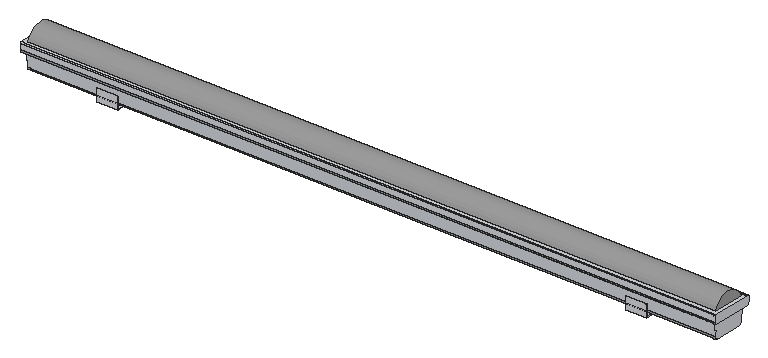
Revit family "0010268", category Lighting Fixtures, host Face, Revit 2017
Family settings
  Host = Face
  Round Connector Dimension = Use Diameter
  Part Type = Normal
  OmniClass Number = 23.80.70.00
  OmniClass Title = Lighting
  Cut with Voids When Loaded = No
  Light Source = Yes
  Shared = No
  Room Calculation Point = No
Parameters (values of type "0010268 RESISTO 1500 HE IP66 4000LM 840")
  Weight = "1.87 kg"
  Wattage Comments = ""
  Wattage = 25 W
  WarrantyStartDate [instance] = "n/a"
  WarrantyGuarantorParts = "n/a"
  WarrantyDurationUnit = "n/a"
  WarrantyDurationParts = "n/a"
  WarrantyDescription = "n/a"
  WIDTH_SYL = 44.5 mm
  built-in parameter 1150110 = 1 (stored number, unit not read)
  Voltage = 0 V
  URL = "http://www.sylvania-lighting.com"
  TypeName = "Resisto  1500 HE IP66 4000lm 840"
  Type Image = <None>
  Type Comments = "n/a"
  built-in parameter 1114217 = 1 (stored number, unit not read)
  Tilt Angle = -90.00°
  built-in parameter 1150109 = 1 (stored number, unit not read)
  built-in parameter 1150134 = 12
  TOP_WIDTH_SYL = 33.5 mm
  built-in parameter 1150113 = 1 (stored number, unit not read)
  SerialNumber [instance] = "n/a"
  Photometric Web File = "0010268.ies"
  Material_3_SYL = none
  PowerFactor = 0.95
  PowerConsumption = "25 W"
  NominalLength = 1500 mm
  NominalHeight = 80 mm
  NominalDepth = 87 mm
  Name = "Resisto  1500 HE IP66 4000lm 840"
  ModelReference = Name  # "Resisto  1500 HE IP66 4000lm 840"
  ModelNumber = "0010268"
  Model = Name  # "Resisto  1500 HE IP66 4000lm 840"
  Material = "pc polycarbonate housing, pc polycarbonate diffuser"
  ManufacturerName = "Feilo Sylvania"
  Manufacturer = "Feilo Sylvania"
  MID_WIDTH_SYL = 36 mm
  LuminousEfficacy = "160 lm/W"
  built-in parameter 1150105 = 1286.3 (stored number, unit not read)
  Lumens = 4000 lm
  LuminaireType = ""
  built-in parameter 1150115 = 1 (stored number, unit not read)
  LightOutputRatio = "n/a"
  built-in parameter 1150137 = (empty or 0)
  built-in parameter 1150139 = (empty or 0)
  LampsType = Lamp  # "LED"
  LampNominalLuminous = "4000 lm"
  LampMacAdamStep = "3"
  LampColourTemperature = "4000 K"
  LampColourRenderingIndex = "80"
  built-in parameter 1150112 = 1 (stored number, unit not read)
  built-in parameter 1150114 = 1 (stored number, unit not read)
  Lamp = "LED"
  LENGHT_SYL = if(L1500_SYL, 742 mm, if(L1200_SYL, 592 mm, 317 mm))  # 742 mm
  LENGHT_CHAMFER_SYL = if(L1500_SYL, 750 mm, if(L1200_SYL, 600 mm, 325 mm))  # 750 mm
  LENGHT_650_SYL = 325 mm
  LENGHT-_SYL = if(L1500_SYL, -742 mm, if(L1200_SYL, -592 mm, -317 mm))  # -742 mm
  LENGHT-_CHAMFER_SYL = if(L1500_SYL, -750 mm, if(L1200_SYL, -600 mm, -325 mm))  # -750 mm
  LEGHT_650-_SYL = -325 mm
  LEGHT_1500_SYL = 750 mm
  LEGHT_1500-_SYL = -750 mm
  LEGHT_1200_SYL = 600 mm
  LEGHT_1200-_SYL = -600 mm
  L0650_SYL = no
  L1500_SYL = yes
  L1200_SYL = no
  Keynote = "16500"
  InstallationDate [instance] = "n/a"
  InputVoltage = "n/a"
  InputNominalFrequency = "n/a"
  built-in parameter 1150132 = (empty or 0)
  built-in parameter 1150102 = (empty or 0)
  built-in parameter 1150107 = 4000 (stored number, unit not read)
  built-in parameter 1150138 = (empty or 0)
  IngressProtection = "IP66"
  ImpactProtectionIndex = "IK08"
  built-in parameter 1150106 = 12.863 (stored number, unit not read)
  IfcExportType = "IfcLightFixtureType"
  IfcExportAs = "IfcLightFixtureType"
  Emit from Circle Diameter = 609.6 mm
  Emit Shape Visible in Rendering = no
  ElectricShockClassification = "Class I"
  built-in parameter 1150104 = 14.864 (stored number, unit not read)
  DocumentationLiterature = "http://www.sylvania-lighting.com/product/en-int/products/0010268"
  DimmingControlOptions = "n/a"
  Material_2_SYL = none
  Dimming Lamp Color Temperature Shift = <None>
  Description = "Resisto, integrated LED weatherproof luminaire, with UV stabilized flat diffuser designed to achieve uniform lit appearance, optimise light output and to reduce glare. 301 stainless steel diffuser clips and fixing brackets for surface mounting. Polycarbonate housing and diffuser - no yellow discolouration over time. 4000lm; 25W; 160lm/W; 4000K; SDCM<3; non dimmable; CRI80; IP66; IK08; Class I; 69,000hrs (L80B20) lifespan; 1500mm x 89mm x 88mm; D-mark."
  Default Elevation = 1219.2 mm
  DIF_WIDHT_SYL = 35 mm
  DIF_HEIGHT_SYL = 24 mm
  CreatedOn = "3/10/2021"
  CreatedBy = "@sylvania-lighting.com"
  Cost = 0
  Color Filter = 16777215
  built-in parameter 1114216 [instance] = (empty or 0)
  ClassificationValue = "EF_70_80"
  ClassificationName = "Uniclass2015"
  Material_1_SYL = Default
  CHAMFER_SYL = 19 mm
  BarCode [instance] = "n/a"
  built-in parameter 1114218 = 1 (stored number, unit not read)
  BRACKET_WIDTH_SYL = BRACKET_DIST_SYL - 44 mm  # 550 mm
  BRACKET_HEIGHT_SYL = 9 mm
  BRACKET_DIST_SYL = LENGHT_CHAMFER_SYL - 156 mm  # 594 mm
  BODY_SYL = 36 mm
  built-in parameter 1150133 = 10 (stored number, unit not read)
  AssetType = "Fixed"
  AssetIdentifier [instance] = "n/a"
  Assembly Code = "D5020200"
  Apparent Load = 25 VA
  Material_4_SYL = none
Reference planes
  plane 1 "Center (Front/Back)": y = 0
  plane 2: z = 0
  plane 3 "Center (Left/Right)": x = 0
  plane 4: z = 9
  plane 5: z = 45
  plane 6: z = 64
  plane 7: z = 88
  plane 8: y = -44.5
  plane 9: y = 44.5
  plane 10: y = -35
  plane 11: y = 35
  plane 12: y = 33.5
  plane 13: y = -33.5
  plane 14: y = -36
  plane 15: y = 36
  plane 16: z = 1
Forms (mm)
  Extrusion 1, solid
    sketch origin (319, 1524, 1219.2) x (0, 1, 0) y (0, 0, 1)
      loop
        line (-1552.835, -1210.2) -> (-1495.165, -1210.2)
        arc (-1495.165, -1210.2) -> (-1491.754, -1208.856) -> (-1490.177, -1205.546) r 5
        line (-1490.177, -1205.546) -> (-1488.323, -1178.854) -> (-1488, -1174.2) -> (-1560, -1174.2) -> (-1559.677, -1178.854) -> (-1557.823, -1205.546)
        arc (-1557.823, -1205.546) -> (-1556.246, -1208.856) -> (-1552.835, -1210.2) r 5
    from -742 <- "LENGHT-_SYL" to 742 <- "LENGHT_SYL"
  Extrusion 2, solid, material "Default" <- "Material_1_SYL"
    sketch origin (319, 1524, 1219.2) x (0, 1, 0) y (0, 0, 1)
      loop
        arc (-1490.5, -1155.2) -> (-1524, -1131.2) -> (-1557.5, -1155.2) r 35.38
        line (-1557.5, -1155.2) -> (-1490.5, -1155.2)
    from -742 <- "LENGHT-_SYL" to 742 <- "LENGHT_SYL"
  Extrusion 3, solid
    sketch origin (319, 1524, 1219.2) x (0, 1, 0) y (0, 0, 1)
      loop
        line (-1481.5, -1155.2) -> (-1566.5, -1155.2)
        arc (-1566.5, -1155.2) -> (-1567.914, -1155.786) -> (-1568.5, -1157.2) r 2
        line (-1568.5, -1157.2) -> (-1568.5, -1169.2)
        arc (-1568.5, -1169.2) -> (-1567.036, -1172.736) -> (-1563.5, -1174.2) r 5
        line (-1563.5, -1174.2) -> (-1484.5, -1174.2)
        arc (-1484.5, -1174.2) -> (-1480.964, -1172.736) -> (-1479.5, -1169.2) r 5
        line (-1479.5, -1169.2) -> (-1479.5, -1157.2)
        arc (-1479.5, -1157.2) -> (-1480.086, -1155.786) -> (-1481.5, -1155.2) r 2
    from -750 <- "LENGHT-_CHAMFER_SYL" to 750 <- "LENGHT_CHAMFER_SYL"
  Extrusion 4, solid
    sketch origin (319, 1524, 1219.2) x (0, 1, 0) y (0, 0, 1)
      loop
        line (-1489, -1219.2) -> (-1489, -1192.216) -> (-1490.5, -1192.216) -> (-1490.5, -1218.2) -> (-1557.5, -1218.2) -> (-1557.5, -1192.172) -> (-1559, -1192.172) -> (-1559, -1219.2) -> (-1489, -1219.2)
    from 550 <- "BRACKET_WIDTH_SYL" to 594 <- "BRACKET_DIST_SYL"
  Extrusion 5, solid
    sketch origin (321, 1524, 1219.2) x (0, 1, 0) y (0, 0, -1)
      loop
        line (-1489, 1219.2) -> (-1559, 1219.2) -> (-1559, 1192.172) -> (-1557.5, 1192.172) -> (-1557.5, 1218.2) -> (-1490.5, 1218.2) -> (-1490.5, 1192.216) -> (-1489, 1192.216) -> (-1489, 1219.2)
    from 550 <- "BRACKET_WIDTH_SYL" to 594 <- "BRACKET_DIST_SYL"
Dimensions and locks
  "BRACKET_HEIGHT_SYL": plane 4 to host face
  "BODY_SYL": plane 4 to plane 5
  "CHAMFER_SYL": plane 5 to plane 6
  "DIF_HEIGHT_SYL": plane 6 to plane 7
  "WIDTH_SYL": plane 9 to plane 1 "Center (Front/Back)" to plane 8
  "DIF_WIDHT_SYL": plane 11 to plane 1 "Center (Front/Back)" to plane 10
  "TOP_WIDTH_SYL": plane 12 to plane 1 "Center (Front/Back)" to plane 13
  "MID_WIDTH_SYL": plane 15 to plane 1 "Center (Front/Back)" to plane 14
  aligned and locked: plane 2 to host face
  aligned and locked: level to host face
  aligned and locked: Extrusion 3 sketch curve to plane 6
  aligned and locked: Extrusion 3 sketch curve to plane 9
  aligned and locked: plane 5 to Extrusion 3 sketch curve
  aligned and locked: plane 8 to Extrusion 3 sketch curve
Automatic sketch dimensions
  host sketch curve to host sketch curve = 2438.4 mm  (x2)
  plane 5 to Extrusion 1 sketch curve = 0 mm
  Extrusion 1 sketch curve to plane 14 = 0 mm
  plane 4 to Extrusion 1 sketch curve = 0 mm
  Extrusion 1 sketch curve to plane 15 = 0 mm
  Extrusion 1 sketch curve to plane 14 = 0.323 mm
  plane 13 to Extrusion 1 sketch curve = 0.323 mm
  Extrusion 1 sketch curve to plane 13 = 4.665 mm
  plane 12 to Extrusion 1 sketch curve = 4.665 mm
  Extrusion 1 sketch curve to plane 12 = 0.323 mm
  plane 15 to Extrusion 1 sketch curve = 0.323 mm
  Extrusion 1 sketch curve to plane 4 = 4.654 mm  (x2)
  plane 5 to Extrusion 1 sketch curve = 4.654 mm  (x2)
  plane 6 to Extrusion 2 sketch curve = 0 mm
  Extrusion 2 sketch curve to plane 13 = 0 mm
  Extrusion 2 sketch curve to plane 1 "Center (Front/Back)" = 0 mm
  Extrusion 2 sketch curve to plane 5 = 7.62 mm
  Extrusion 3 sketch curve to plane 8 = 2 mm
  plane 14 to Extrusion 3 sketch curve = 3.5 mm
  Extrusion 3 sketch curve to plane 15 = 3.5 mm
  plane 6 to Extrusion 3 sketch curve = 2 mm
  Extrusion 4 sketch curve to level = 0 mm
  Extrusion 4 sketch curve to plane 10 = 0 mm
  Extrusion 4 sketch curve to plane 13 = 0 mm
  Extrusion 4 sketch curve to plane 12 = 0 mm
  Extrusion 4 sketch curve to plane 11 = 0 mm
  plane 16 to Extrusion 4 sketch curve = 0 mm
  Extrusion 4 sketch curve to plane 4 = 17.984 mm
  plane 5 to Extrusion 4 sketch curve = 17.972 mm
  Extrusion 5 sketch curve to level = 0 mm
  Extrusion 5 sketch curve to plane 10 = 0 mm
  Extrusion 5 sketch curve to plane 13 = 0 mm
  Extrusion 5 sketch curve to plane 12 = 0 mm
  Extrusion 5 sketch curve to plane 11 = 0 mm
  plane 16 to Extrusion 5 sketch curve = 0 mm
  Extrusion 5 sketch curve to plane 4 = 17.984 mm
  plane 5 to Extrusion 5 sketch curve = 17.972 mm
Connectors
  electrical at (-423, 0, 27)
    settings: on Extrusion 1, index 1, voltage 0 V, apparent load 0 VA, apparent load phase1 0 VA, apparent load phase2 0 VA, apparent load phase3 0 VA, power factor 1, load classification "Other", number of poles 1, system type 31, power factor state 1, is connector primary yes, connector utility no, sub classification motor no, connector description ""
Types (60, lengths in mm): name | Weight | Wattage | TypeName | built-in parameter 1150134 | Photometric Web File | PowerFactor | PowerConsumption | NominalLength | Name | ModelReference | ModelNumber | Model | LuminousEfficacy | built-in parameter 1150105 | Lumens | LampNominalLuminous | LampMacAdamStep | LampColourTemperature | LENGHT_SYL | LENGHT_CHAMFER_SYL | LENGHT-_SYL | LENGHT-_CHAMFER_SYL | L0650_SYL | L1500_SYL | L1200_SYL | built-in parameter 1150107 | built-in parameter 1150106 | built-in parameter 1150104 | DocumentationLiterature | Description | BRACKET_WIDTH_SYL | BRACKET_DIST_SYL | Apparent Load
  0010278 RESISTO 1500 HE IP66 8300LM 840 | "1.95 kg" | 54 W | "Resisto 1500 HE IP66 8300lm 840" | 12 | "0010278.ies" | 0.95 | "54 W" | 1500 | "Resisto 1500 HE IP66 8300lm 840" | "Resisto 1500 HE IP66 8300lm 840" | "0010278" | "Resisto 1500 HE IP66 8300lm 840" | "154 lm/W" | 2674.3 (stored number, unit not read) | 8316 lm | "8300 lm" | "3" | "4000 K" | 742 | 750 | -742 | -750 | no | yes | no | 4000 (stored number, unit not read) | 26.743 (stored number, unit not read) | 14.307 (stored number, unit not read) | "http://www.sylvania-lighting.com/product/en-int/products/0010278" | "Resisto, integrated LED weatherproof luminaire, with UV stabilized flat diffuser designed to achieve uniform lit appearance, optimise light output and to reduce glare. 301 stainless steel diffuser clips and fixing brackets for surface mounting. Polycarbonate housing and diffuser - no yellow discolouration over time. 8300lm; 54W; 154lm/W; 4000K; SDCM<3; non dimmable; CRI80; IP66; IK08; Class I; 69,000hrs (L80B20) lifespan; 1500mm x 89mm x 88mm; D-mark." | 550 | 594 | 54 VA
  0010274 RESISTO 1500 HE IP66 DALI 7100LM 840 | "2.01 kg" | 46 W | "Resisto 1500 HE IP66 DALI 7100lm 840" | 12 | "0010274.ies" | 0.98 | "46 W" | 1500 | "Resisto 1500 HE IP66 DALI 7100lm 840" | "Resisto 1500 HE IP66 DALI 7100lm 840" | "0010274" | "Resisto 1500 HE IP66 DALI 7100lm 840" | "154 lm/W" | 2362.2 (stored number, unit not read) | 7084 lm | "7100 lm" | "3" | "4000 K" | 742 | 750 | -742 | -750 | no | yes | no | 4000 (stored number, unit not read) | 23.622 (stored number, unit not read) | 14.307 (stored number, unit not read) | "http://www.sylvania-lighting.com/product/en-int/products/0010274" | "Resisto, integrated LED weatherproof luminaire, with UV stabilized flat diffuser designed to achieve uniform lit appearance, optimise light output and to reduce glare. 301 stainless steel diffuser clips and fixing brackets for surface mounting. Polycarbonate housing and diffuser - no yellow discolouration over time. 7100lm; 46W; 154lm/W; 4000K; SDCM<3; DALI dimmable; CRI80; IP66; IK08; Class I; 69,000hrs (L80B20) lifespan; 1500mm x 89mm x 88mm; D-mark." | 550 | 594 | 46 VA
  0010273 RESISTO 1500 HE IP66 DALI 4000LM 840 | "1.95 kg" | 25 W | "Resisto 1500 HE IP66 DALI 4000lm 840" | 12 | "0010273.ies" | 0.98 | "25 W" | 1500 | "Resisto 1500 HE IP66 DALI 4000lm 840" | "Resisto 1500 HE IP66 DALI 4000lm 840" | "0010273" | "Resisto 1500 HE IP66 DALI 4000lm 840" | "160 lm/W" | 1286.3 (stored number, unit not read) | 4000 lm | "4000 lm" | "3" | "4000 K" | 742 | 750 | -742 | -750 | no | yes | no | 4000 (stored number, unit not read) | 12.863 (stored number, unit not read) | 14.864 (stored number, unit not read) | "http://www.sylvania-lighting.com/product/en-int/products/0010273" | "Resisto, integrated LED weatherproof luminaire, with UV stabilized flat diffuser designed to achieve uniform lit appearance, optimise light output and to reduce glare. 301 stainless steel diffuser clips and fixing brackets for surface mounting. Polycarbonate housing and diffuser - no yellow discolouration over time. 4000lm; 25W; 160lm/W; 4000K; SDCM<3; DALI dimmable; CRI80; IP66; IK08; Class I; 69,000hrs (L80B20) lifespan; 1500mm x 89mm x 88mm; D-mark." | 550 | 594 | 25 VA
  0010272 RESISTO 1500 HE IP66 7100LM 840 EM | "2.58 kg" | 50 W | "Resisto 1500 HE IP66 7100lm 840 EM" | 12 | "0010272.ies" | 0.95 | "50 W" | 1500 | "Resisto 1500 HE IP66 7100lm 840 EM" | "Resisto 1500 HE IP66 7100lm 840 EM" | "0010272" | "Resisto 1500 HE IP66 7100lm 840 EM" | "142 lm/W" | 2367.5 (stored number, unit not read) | 7100 lm | "7100 lm" | "3" | "4000 K" | 742 | 750 | -742 | -750 | no | yes | no | 4000 (stored number, unit not read) | 23.675 (stored number, unit not read) | 13.192 (stored number, unit not read) | "http://www.sylvania-lighting.com/product/en-int/products/0010272" | "Resisto, integrated LED weatherproof luminaire, with UV stabilized flat diffuser designed to achieve uniform lit appearance, optimise light output and to reduce glare. 301 stainless steel diffuser clips and fixing brackets for surface mounting. Polycarbonate housing and diffuser - no yellow discolouration over time. 7100lm; 50W; 142lm/W; 4000K; SDCM<3; non dimmable; CRI80; IP66; IK08; Class I; 69,000hrs (L80B20) lifespan; 1500mm x 89mm x 88mm; D-mark; 3-hour maintained emergency batteries." | 550 | 594 | 50 VA
  0010271 RESISTO 1500 HE IP66 4000LM 840 EM | "2.51 kg" | 29 W | "Resisto 1500 HE IP66 4000lm 840 EM" | 12 | "0010271.ies" | 0.95 | "29 W" | 1500 | "Resisto 1500 HE IP66 4000lm 840 EM" | "Resisto 1500 HE IP66 4000lm 840 EM" | "0010271" | "Resisto 1500 HE IP66 4000lm 840 EM" | "138 lm/W" | 1287 (stored number, unit not read) | 4002 lm | "4000 lm" | "3" | "4000 K" | 742 | 750 | -742 | -750 | no | yes | no | 4000 (stored number, unit not read) | 12.87 (stored number, unit not read) | 12.821 (stored number, unit not read) | "http://www.sylvania-lighting.com/product/en-int/products/0010271" | "Resisto, integrated LED weatherproof luminaire, with UV stabilized flat diffuser designed to achieve uniform lit appearance, optimise light output and to reduce glare. 301 stainless steel diffuser clips and fixing brackets for surface mounting. Polycarbonate housing and diffuser - no yellow discolouration over time. 4000lm; 29W; 138lm/W; 4000K; SDCM<3; non dimmable; CRI80; IP66; IK08; Class I; 69,000hrs (L80B20) lifespan; 1500mm x 89mm x 88mm; D-mark; 3-hour maintained emergency batteries." | 550 | 594 | 29 VA
  0010269 RESISTO 1500 HE IP66 7100LM 840 | "1.95 kg" | 46 W | "Resisto  1500 HE IP66 7100lm 840" | 12 | "0010269.ies" | 0.95 | "46 W" | 1500 | "Resisto  1500 HE IP66 7100lm 840" | "Resisto  1500 HE IP66 7100lm 840" | "0010269" | "Resisto  1500 HE IP66 7100lm 840" | "154 lm/W" | 2362.2 (stored number, unit not read) | 7084 lm | "7100 lm" | "3" | "4000 K" | 742 | 750 | -742 | -750 | no | yes | no | 4000 (stored number, unit not read) | 23.622 (stored number, unit not read) | 14.307 (stored number, unit not read) | "http://www.sylvania-lighting.com/product/en-int/products/0010269" | "Resisto, integrated LED weatherproof luminaire, with UV stabilized flat diffuser designed to achieve uniform lit appearance, optimise light output and to reduce glare. 301 stainless steel diffuser clips and fixing brackets for surface mounting. Polycarbonate housing and diffuser - no yellow discolouration over time. 7100lm; 46W; 154lm/W; 4000K; SDCM<3; non dimmable; CRI80; IP66; IK08; Class I; 69,000hrs (L80B20) lifespan; 1500mm x 89mm x 88mm; D-mark." | 550 | 594 | 46 VA
  0010268 RESISTO 1500 HE IP66 4000LM 840 | "1.87 kg" | 25 W | "Resisto  1500 HE IP66 4000lm 840" | 12 | "0010268.ies" | 0.95 | "25 W" | 1500 | "Resisto  1500 HE IP66 4000lm 840" | "Resisto  1500 HE IP66 4000lm 840" | "0010268" | "Resisto  1500 HE IP66 4000lm 840" | "160 lm/W" | 1286.3 (stored number, unit not read) | 4000 lm | "4000 lm" | "3" | "4000 K" | 742 | 750 | -742 | -750 | no | yes | no | 4000 (stored number, unit not read) | 12.863 (stored number, unit not read) | 14.864 (stored number, unit not read) | "http://www.sylvania-lighting.com/product/en-int/products/0010268" | "Resisto, integrated LED weatherproof luminaire, with UV stabilized flat diffuser designed to achieve uniform lit appearance, optimise light output and to reduce glare. 301 stainless steel diffuser clips and fixing brackets for surface mounting. Polycarbonate housing and diffuser - no yellow discolouration over time. 4000lm; 25W; 160lm/W; 4000K; SDCM<3; non dimmable; CRI80; IP66; IK08; Class I; 69,000hrs (L80B20) lifespan; 1500mm x 89mm x 88mm; D-mark." | 550 | 594 | 25 VA
  0010261 RESISTO 1500 IP66 DALI 8300LM 840 | "2.01 kg" | 61 W | "Resisto  1500 IP66 DALI 8300lm 840" | 12 | "0010261.ies" | 0.99 | "61 W" | 1500 | "Resisto  1500 IP66 DALI 8300lm 840" | "Resisto  1500 IP66 DALI 8300lm 840" | "0010261" | "Resisto  1500 IP66 DALI 8300lm 840" | "136 lm/W" | 2792.8 (stored number, unit not read) | 8296 lm | "8300 lm" | "5" | "4000 K" | 742 | 750 | -742 | -750 | no | yes | no | 4000 (stored number, unit not read) | 27.928 (stored number, unit not read) | 12.635 (stored number, unit not read) | "http://www.sylvania-lighting.com/product/en-int/products/0010261" | "Resisto, integrated LED weatherproof luminaire, with UV stabilized flat diffuser designed to achieve uniform lit appearance, optimise light output and to reduce glare. 301 stainless steel diffuser clips and fixing brackets for surface mounting. Polycarbonate housing and diffuser - no yellow discolouration over time. 8300lm; 61W; 136lm/W; 4000K; SDCM<5; DALI dimmable; CRI80; IP66; IK08; Class I; 69,000hrs (L80B20) lifespan; 1500mm x 89mm x 88mm; D-mark." | 550 | 594 | 61 VA
  0010260 RESISTO 1500 IP66 DALI 7100LM 840 | "2.01 kg" | 52 W | "Resisto  1500 IP66 DALI 7100lm 840" | 12 | "0010260.ies" | 0.99 | "52 W" | 1500 | "Resisto  1500 IP66 DALI 7100lm 840" | "Resisto  1500 IP66 DALI 7100lm 840" | "0010260" | "Resisto  1500 IP66 DALI 7100lm 840" | "137 lm/W" | 2375.5 (stored number, unit not read) | 7124 lm | "7100 lm" | "5" | "4000 K" | 742 | 750 | -742 | -750 | no | yes | no | 4000 (stored number, unit not read) | 23.755 (stored number, unit not read) | 12.728 (stored number, unit not read) | "http://www.sylvania-lighting.com/product/en-int/products/0010260" | "Resisto, integrated LED weatherproof luminaire, with UV stabilized flat diffuser designed to achieve uniform lit appearance, optimise light output and to reduce glare. 301 stainless steel diffuser clips and fixing brackets for surface mounting. Polycarbonate housing and diffuser - no yellow discolouration over time. 7100lm; 52W; 137lm/W; 4000K; SDCM<5; DALI dimmable; CRI80; IP66; IK08; Class I; 69,000hrs (L80B20) lifespan; 1500mm x 89mm x 88mm; D-mark." | 550 | 594 | 52 VA
  0010259 RESISTO 1500 IP66 DALI 4000LM 840 | "1.95 kg" | 30 W | "Resisto  1500 IP66 DALI 4000lm 840" | 12 | "0010259.ies" | 0.98 | "30 W" | 1500 | "Resisto  1500 IP66 DALI 4000lm 840" | "Resisto  1500 IP66 DALI 4000lm 840" | "0010259" | "Resisto  1500 IP66 DALI 4000lm 840" | "133 lm/W" | 1283.1 (stored number, unit not read) | 3990 lm | "4000 lm" | "5" | "4000 K" | 742 | 750 | -742 | -750 | no | yes | no | 4000 (stored number, unit not read) | 12.831 (stored number, unit not read) | 12.356 (stored number, unit not read) | "http://www.sylvania-lighting.com/product/en-int/products/0010259" | "Resisto, integrated LED weatherproof luminaire, with UV stabilized flat diffuser designed to achieve uniform lit appearance, optimise light output and to reduce glare. 301 stainless steel diffuser clips and fixing brackets for surface mounting. Polycarbonate housing and diffuser - no yellow discolouration over time. 4000lm; 30W; 133lm/W; 4000K; SDCM<5; DALI dimmable; CRI80; IP66; IK08; Class I; 69,000hrs (L80B20) lifespan; 1500mm x 89mm x 88mm; D-mark." | 550 | 594 | 30 VA
  0010258 RESISTO 1500 IP66 MWCOR 7100LM 840 | "2.06 kg" | 52 W | "Resisto  1500 IP66 MWcor 7100lm 840" | 12 | "0010258.ies" | 0.99 | "52 W" | 1500 | "Resisto  1500 IP66 MWcor 7100lm 840" | "Resisto  1500 IP66 MWcor 7100lm 840" | "0010258" | "Resisto  1500 IP66 MWcor 7100lm 840" | "137 lm/W" | 2375.5 (stored number, unit not read) | 7124 lm | "7100 lm" | "5" | "4000 K" | 742 | 750 | -742 | -750 | no | yes | no | 4000 (stored number, unit not read) | 23.755 (stored number, unit not read) | 12.728 (stored number, unit not read) | "http://www.sylvania-lighting.com/product/en-int/products/0010258" | "Resisto, integrated LED weatherproof luminaire, with UV stabilized flat diffuser designed to achieve uniform lit appearance, optimise light output and to reduce glare. 301 stainless steel diffuser clips and fixing brackets for surface mounting. Polycarbonate housing and diffuser - no yellow discolouration over time. 7100lm; 52W; 137lm/W; 4000K; SDCM<5; non dimmable; CRI80; IP66; IK08; Class I; 69,000hrs (L80B20) lifespan; 1500mm x 89mm x 88mm; D-mark; corridor function with microwave presence sensor." | 550 | 594 | 52 VA
  0010257 RESISTO 1500 IP66 MWCOR 4000LM 840 | "2.0 kg" | 30 W | "Resisto  1500 IP66 MWcor 4000lm 840" | 12 | "0010257.ies" | 0.98 | "30 W" | 1500 | "Resisto  1500 IP66 MWcor 4000lm 840" | "Resisto  1500 IP66 MWcor 4000lm 840" | "0010257" | "Resisto  1500 IP66 MWcor 4000lm 840" | "133 lm/W" | 1283.1 (stored number, unit not read) | 3990 lm | "4000 lm" | "5" | "4000 K" | 742 | 750 | -742 | -750 | no | yes | no | 4000 (stored number, unit not read) | 12.831 (stored number, unit not read) | 12.356 (stored number, unit not read) | "http://www.sylvania-lighting.com/product/en-int/products/0010257" | "Resisto, integrated LED weatherproof luminaire, with UV stabilized flat diffuser designed to achieve uniform lit appearance, optimise light output and to reduce glare. 301 stainless steel diffuser clips and fixing brackets for surface mounting. Polycarbonate housing and diffuser - no yellow discolouration over time. 4000lm; 30W; 133lm/W; 4000K; SDCM<5; non dimmable; CRI80; IP66; IK08; Class I; 69,000hrs (L80B20) lifespan; 1500mm x 89mm x 88mm; D-mark; corridor function with microwave presence sensor." | 550 | 594 | 30 VA
  0010256 RESISTO 1500 IP66 MW 7100LM 840 | "2.0 kg" | 52 W | "Resisto  1500 IP66 MW 7100lm 840" | 12 | "0010256.ies" | 0.95 | "52 W" | 1500 | "Resisto  1500 IP66 MW 7100lm 840" | "Resisto  1500 IP66 MW 7100lm 840" | "0010256" | "Resisto  1500 IP66 MW 7100lm 840" | "137 lm/W" | 2375.5 (stored number, unit not read) | 7124 lm | "7100 lm" | "5" | "4000 K" | 742 | 750 | -742 | -750 | no | yes | no | 4000 (stored number, unit not read) | 23.755 (stored number, unit not read) | 12.728 (stored number, unit not read) | "http://www.sylvania-lighting.com/product/en-int/products/0010256" | "Resisto, integrated LED weatherproof luminaire, with UV stabilized flat diffuser designed to achieve uniform lit appearance, optimise light output and to reduce glare. 301 stainless steel diffuser clips and fixing brackets for surface mounting. Polycarbonate housing and diffuser - no yellow discolouration over time. 7100lm; 52W; 137lm/W; 4000K; SDCM<5; non dimmable; CRI80; IP66; IK08; Class I; 69,000hrs (L80B20) lifespan; 1500mm x 89mm x 88mm; D-mark; MW On/Off." | 550 | 594 | 52 VA
  0010255 RESISTO 1500 IP66 MW 4000LM 840 | "1.92 kg" | 30 W | "Resisto  1500 IP66 MW 4000lm 840" | 12 | "0010255.ies" | 0.95 | "30 W" | 1500 | "Resisto  1500 IP66 MW 4000lm 840" | "Resisto  1500 IP66 MW 4000lm 840" | "0010255" | "Resisto  1500 IP66 MW 4000lm 840" | "133 lm/W" | 1283.1 (stored number, unit not read) | 3990 lm | "4000 lm" | "5" | "4000 K" | 742 | 750 | -742 | -750 | no | yes | no | 4000 (stored number, unit not read) | 12.831 (stored number, unit not read) | 12.356 (stored number, unit not read) | "http://www.sylvania-lighting.com/product/en-int/products/0010255" | "Resisto, integrated LED weatherproof luminaire, with UV stabilized flat diffuser designed to achieve uniform lit appearance, optimise light output and to reduce glare. 301 stainless steel diffuser clips and fixing brackets for surface mounting. Polycarbonate housing and diffuser - no yellow discolouration over time. 4000lm; 30W; 133lm/W; 4000K; SDCM<5; non dimmable; CRI80; IP66; IK08; Class I; 69,000hrs (L80B20) lifespan; 1500mm x 89mm x 88mm; D-mark; MW On/Off." | 550 | 594 | 30 VA
  0010254 RESISTO 1500 IP66 7100LM 840 EM | "2.59 kg" | 56 W | "Resisto  1500 IP66 7100lm 840 EM" | 12 | "0010254.ies" | 0.95 | "56 W" | 1500 | "Resisto  1500 IP66 7100lm 840 EM" | "Resisto  1500 IP66 7100lm 840 EM" | "0010254" | "Resisto  1500 IP66 7100lm 840 EM" | "127 lm/W" | 2371.5 (stored number, unit not read) | 7112 lm | "7100 lm" | "5" | "4000 K" | 742 | 750 | -742 | -750 | no | yes | no | 4000 (stored number, unit not read) | 23.715 (stored number, unit not read) | 11.799 (stored number, unit not read) | "http://www.sylvania-lighting.com/product/en-int/products/0010254" | "Resisto, integrated LED weatherproof luminaire, with UV stabilized flat diffuser designed to achieve uniform lit appearance, optimise light output and to reduce glare. 301 stainless steel diffuser clips and fixing brackets for surface mounting. Polycarbonate housing and diffuser - no yellow discolouration over time. 7100lm; 56W; 127lm/W; 4000K; SDCM<5; non dimmable; CRI80; IP66; IK08; Class I; 69,000hrs (L80B20) lifespan; 1500mm x 89mm x 88mm; D-mark; 3-hour maintained emergency batteries." | 550 | 594 | 56 VA
  0010253 RESISTO 1500 IP66 4000LM 840 EM | "2.5 kg" | 34 W | "Resisto  1500 IP66 4000lm 840 EM" | 12 | "0010253.ies" | 0.95 | "34 W" | 1500 | "Resisto  1500 IP66 4000lm 840 EM" | "Resisto  1500 IP66 4000lm 840 EM" | "0010253" | "Resisto  1500 IP66 4000lm 840 EM" | "118 lm/W" | 1290.2 (stored number, unit not read) | 4012 lm | "4000 lm" | "5" | "4000 K" | 742 | 750 | -742 | -750 | no | yes | no | 4000 (stored number, unit not read) | 12.902 (stored number, unit not read) | 10.963 (stored number, unit not read) | "http://www.sylvania-lighting.com/product/en-int/products/0010253" | "Resisto, integrated LED weatherproof luminaire, with UV stabilized flat diffuser designed to achieve uniform lit appearance, optimise light output and to reduce glare. 301 stainless steel diffuser clips and fixing brackets for surface mounting. Polycarbonate housing and diffuser - no yellow discolouration over time. 4000lm; 34W; 118lm/W; 4000K; SDCM<5; non dimmable; CRI80; IP66; IK08; Class I; 69,000hrs (L80B20) lifespan; 1500mm x 89mm x 88mm; D-mark; 3-hour maintained emergency batteries." | 550 | 594 | 34 VA
  0010252 RESISTO 1500 IP66 7100LM 840 5XTH | "2.18 kg" | 52 W | "Resisto 1500 IP66 7100lm 840 5xTH" | 12 | "0010252.ies" | 0.95 | "52 W" | 1500 | "Resisto 1500 IP66 7100lm 840 5xTH" | "Resisto 1500 IP66 7100lm 840 5xTH" | "0010252" | "Resisto 1500 IP66 7100lm 840 5xTH" | "137 lm/W" | 2375.5 (stored number, unit not read) | 7124 lm | "7100 lm" | "5" | "4000 K" | 742 | 750 | -742 | -750 | no | yes | no | 4000 (stored number, unit not read) | 23.755 (stored number, unit not read) | 12.728 (stored number, unit not read) | "http://www.sylvania-lighting.com/product/en-int/products/0010252" | "Resisto, integrated LED weatherproof luminaire, with UV stabilized flat diffuser designed to achieve uniform lit appearance, optimise light output and to reduce glare. 301 stainless steel diffuser clips and fixing brackets for surface mounting. Polycarbonate housing and diffuser - no yellow discolouration over time. 7100lm; 52W; 137lm/W; 4000K; SDCM<5; non dimmable; CRI80; IP66; IK08; Class I; 69,000hrs (L80B20) lifespan; 1500mm x 89mm x 88mm; D-mark; through wiring." | 550 | 594 | 52 VA
  0010251 RESISTO 1500 IP66 4000LM 840 5XTH | "2.1 kg" | 30 W | "Resisto 1500 IP66 4000lm 840 5xTH" | 12 | "0010251.ies" | 0.95 | "30 W" | 1500 | "Resisto 1500 IP66 4000lm 840 5xTH" | "Resisto 1500 IP66 4000lm 840 5xTH" | "0010251" | "Resisto 1500 IP66 4000lm 840 5xTH" | "133 lm/W" | 1283.1 (stored number, unit not read) | 3990 lm | "4000 lm" | "5" | "4000 K" | 742 | 750 | -742 | -750 | no | yes | no | 4000 (stored number, unit not read) | 12.831 (stored number, unit not read) | 12.356 (stored number, unit not read) | "http://www.sylvania-lighting.com/product/en-int/products/0010251" | "Resisto, integrated LED weatherproof luminaire, with UV stabilized flat diffuser designed to achieve uniform lit appearance, optimise light output and to reduce glare. 301 stainless steel diffuser clips and fixing brackets for surface mounting. Polycarbonate housing and diffuser - no yellow discolouration over time. 4000lm; 30W; 133lm/W; 4000K; SDCM<5; non dimmable; CRI80; IP66; IK08; Class I; 69,000hrs (L80B20) lifespan; 1500mm x 89mm x 88mm; D-mark; through wiring." | 550 | 594 | 30 VA
  0010250 RESISTO 1500 IP66 7100LM 840 QC | "2.02 kg" | 52 W | "Resisto  1500 IP66 7100lm 840 QC" | 12 | "0010250.ies" | 0.95 | "52 W" | 1512 | "Resisto  1500 IP66 7100lm 840 QC" | "Resisto  1500 IP66 7100lm 840 QC" | "0010250" | "Resisto  1500 IP66 7100lm 840 QC" | "137 lm/W" | 2375.5 (stored number, unit not read) | 7124 lm | "7100 lm" | "5" | "4000 K" | 742 | 750 | -742 | -750 | no | yes | no | 4000 (stored number, unit not read) | 23.755 (stored number, unit not read) | 12.728 (stored number, unit not read) | "http://www.sylvania-lighting.com/product/en-int/products/0010250" | "Resisto, integrated LED weatherproof luminaire, with UV stabilized flat diffuser designed to achieve uniform lit appearance, optimise light output and to reduce glare. 301 stainless steel diffuser clips and fixing brackets for surface mounting. Polycarbonate housing and diffuser - no yellow discolouration over time. 7100lm; 52W; 137lm/W; 4000K; SDCM<5; non dimmable; CRI80; IP66; IK08; Class I; 69,000hrs (L80B20) lifespan; 1500mm x 89mm x 88mm; D-mark; assembled with quick connector." | 550 | 594 | 52 VA
  0010249 RESISTO 1500 IP66 4000LM 840 QC | "1.94 kg" | 30 W | "Resisto  1500 IP66 4000lm 840 QC" | 12 | "0010249.ies" | 0.95 | "30 W" | 1512 | "Resisto  1500 IP66 4000lm 840 QC" | "Resisto  1500 IP66 4000lm 840 QC" | "0010249" | "Resisto  1500 IP66 4000lm 840 QC" | "133 lm/W" | 1283.1 (stored number, unit not read) | 3990 lm | "4000 lm" | "5" | "4000 K" | 742 | 750 | -742 | -750 | no | yes | no | 4000 (stored number, unit not read) | 12.831 (stored number, unit not read) | 12.356 (stored number, unit not read) | "http://www.sylvania-lighting.com/product/en-int/products/0010249" | "Resisto, integrated LED weatherproof luminaire, with UV stabilized flat diffuser designed to achieve uniform lit appearance, optimise light output and to reduce glare. 301 stainless steel diffuser clips and fixing brackets for surface mounting. Polycarbonate housing and diffuser - no yellow discolouration over time. 4000lm; 30W; 133lm/W; 4000K; SDCM<5; non dimmable; CRI80; IP66; IK08; Class I; 69,000hrs (L80B20) lifespan; 1500mm x 89mm x 88mm; D-mark; assembled with quick connector." | 550 | 594 | 30 VA
  0010248 RESISTO 1500 IP66 8300LM 865 | "1.95 kg" | 61 W | "Resisto  1500 IP66 8300lm 865" | 1 | "0010248.ies" | 0.95 | "61 W" | 1500 | "Resisto  1500 IP66 8300lm 865" | "Resisto  1500 IP66 8300lm 865" | "0010248" | "Resisto  1500 IP66 8300lm 865" | "136 lm/W" | 2792.8 (stored number, unit not read) | 8296 lm | "8300 lm" | "5" | "6500 K" | 742 | 750 | -742 | -750 | no | yes | no | 6500 (stored number, unit not read) | 27.928 (stored number, unit not read) | 12.635 (stored number, unit not read) | "http://www.sylvania-lighting.com/product/en-int/products/0010248" | "Resisto, integrated LED weatherproof luminaire, with UV stabilized flat diffuser designed to achieve uniform lit appearance, optimise light output and to reduce glare. 301 stainless steel diffuser clips and fixing brackets for surface mounting. Polycarbonate housing and diffuser - no yellow discolouration over time. 8300lm; 61W; 136lm/W; 6500K; SDCM<5; non dimmable; CRI80; IP66; IK08; Class I; 69,000hrs (L80B20) lifespan; 1500mm x 89mm x 88mm; D-mark." | 550 | 594 | 61 VA
  0010247 RESISTO 1500 IP66 7100LM 865 | "1.95 kg" | 52 W | "Resisto  1500 IP66 7100lm 865" | 1 | "0010247.ies" | 0.95 | "52 W" | 1500 | "Resisto  1500 IP66 7100lm 865" | "Resisto  1500 IP66 7100lm 865" | "0010247" | "Resisto  1500 IP66 7100lm 865" | "137 lm/W" | 2375.5 (stored number, unit not read) | 7124 lm | "7100 lm" | "5" | "6500 K" | 742 | 750 | -742 | -750 | no | yes | no | 6500 (stored number, unit not read) | 23.755 (stored number, unit not read) | 12.728 (stored number, unit not read) | "http://www.sylvania-lighting.com/product/en-int/products/0010247" | "Resisto, integrated LED weatherproof luminaire, with UV stabilized flat diffuser designed to achieve uniform lit appearance, optimise light output and to reduce glare. 301 stainless steel diffuser clips and fixing brackets for surface mounting. Polycarbonate housing and diffuser - no yellow discolouration over time. 7100lm; 52W; 137lm/W; 6500K; SDCM<5; non dimmable; CRI80; IP66; IK08; Class I; 69,000hrs (L80B20) lifespan; 1500mm x 89mm x 88mm; D-mark." | 550 | 594 | 52 VA
  0010246 RESISTO 1500 IP66 4000LM 865 | "1.87 kg" | 30 W | "Resisto  1500 IP66 4000lm 865" | 1 | "0010246.ies" | 0.95 | "30 W" | 1500 | "Resisto  1500 IP66 4000lm 865" | "Resisto  1500 IP66 4000lm 865" | "0010246" | "Resisto  1500 IP66 4000lm 865" | "133 lm/W" | 1283.1 (stored number, unit not read) | 3990 lm | "4000 lm" | "5" | "6500 K" | 742 | 750 | -742 | -750 | no | yes | no | 6500 (stored number, unit not read) | 12.831 (stored number, unit not read) | 12.356 (stored number, unit not read) | "http://www.sylvania-lighting.com/product/en-int/products/0010246" | "Resisto, integrated LED weatherproof luminaire, with UV stabilized flat diffuser designed to achieve uniform lit appearance, optimise light output and to reduce glare. 301 stainless steel diffuser clips and fixing brackets for surface mounting. Polycarbonate housing and diffuser - no yellow discolouration over time. 4000lm; 30W; 133lm/W; 6500K; SDCM<5; non dimmable; CRI80; IP66; IK08; Class I; 69,000hrs (L80B20) lifespan; 1500mm x 89mm x 88mm; D-mark." | 550 | 594 | 30 VA
  0010245 RESISTO 1500 IP66 8300LM 840 | "15.48 kg" | 61 W | "Resisto  1500 IP66 8300lm 840" | 12 | "0010245.ies" | 0.95 | "61.0 W" | 1500 | "Resisto  1500 IP66 8300lm 840" | "Resisto  1500 IP66 8300lm 840" | "0010245" | "Resisto  1500 IP66 8300lm 840" | "136 lm/W" | -23179853.6 (stored number, unit not read) | 8296 lm | "8300 lm" | "5" | "4000 K" | 742 | 750 | -742 | -750 | no | yes | no | 4000 (stored number, unit not read) | -231798.5 (stored number, unit not read) | 12.635 (stored number, unit not read) | "http://www.sylvania-lighting.com/product/en-int/products/0010245" | "Resisto, integrated LED weatherproof luminaire, with UV stabilized flat diffuser designed to achieve uniform lit appearance, optimise light output and to reduce glare. 301 stainless steel diffuser clips and fixing brackets for surface mounting. Polycarbonate housing and diffuser - no yellow discolouration over time. 8300lm; 61W; 136lm/W; 4000K; SDCM<5; non dimmable; CRI80; IP66; IK08; Class I; 69,000hrs (L80B20) lifespan; 1500mm x 89mm x 88mm; D-mark." | 550 | 594 | 61 VA
  0010244 RESISTO 1500 IP66 7100LM 840 | "15.48 kg" | 52 W | "Resisto  1500 IP66 7100lm 840" | 12 | "0010244.ies" | 0.95 | "52.0 W" | 1500 | "Resisto  1500 IP66 7100lm 840" | "Resisto  1500 IP66 7100lm 840" | "0010244" | "Resisto  1500 IP66 7100lm 840" | "137 lm/W" | -16865856.3 (stored number, unit not read) | 7124 lm | "7100 lm" | "5" | "4000 K" | 742 | 750 | -742 | -750 | no | yes | no | 4000 (stored number, unit not read) | -168658.6 (stored number, unit not read) | 12.728 (stored number, unit not read) | "http://www.sylvania-lighting.com/product/en-int/products/0010244" | "Resisto, integrated LED weatherproof luminaire, with UV stabilized flat diffuser designed to achieve uniform lit appearance, optimise light output and to reduce glare. 301 stainless steel diffuser clips and fixing brackets for surface mounting. Polycarbonate housing and diffuser - no yellow discolouration over time. 7100lm; 52W; 137lm/W; 4000K; SDCM<5; non dimmable; CRI80; IP66; IK08; Class I; 69,000hrs (L80B20) lifespan; 1500mm x 89mm x 88mm; D-mark." | 550 | 594 | 52 VA
  0010243 RESISTO 1500 IP66 4000LM 840 | "1.87 kg" | 30 W | "Resisto  1500 IP66 4000lm 840" | 12 | "0010243.ies" | 0.95 | "30 W" | 1500 | "Resisto  1500 IP66 4000lm 840" | "Resisto  1500 IP66 4000lm 840" | "0010243" | "Resisto  1500 IP66 4000lm 840" | "133 lm/W" | 1283.1 (stored number, unit not read) | 3990 lm | "4000 lm" | "5" | "4000 K" | 742 | 750 | -742 | -750 | no | yes | no | 4000 (stored number, unit not read) | 12.831 (stored number, unit not read) | 12.356 (stored number, unit not read) | "http://www.sylvania-lighting.com/product/en-int/products/0010243" | "Resisto, integrated LED weatherproof luminaire, with UV stabilized flat diffuser designed to achieve uniform lit appearance, optimise light output and to reduce glare. 301 stainless steel diffuser clips and fixing brackets for surface mounting. Polycarbonate housing and diffuser - no yellow discolouration over time. 4000lm; 30W; 133lm/W; 4000K; SDCM<5; non dimmable; CRI80; IP66; IK08; Class I; 69,000hrs (L80B20) lifespan; 1500mm x 89mm x 88mm; D-mark." | 550 | 594 | 30 VA
  0010242 RESISTO 1500 IP66 8300LM 830 | "1.95 kg" | 61 W | "Resisto  1500 IP66 8300lm 830" | (empty or 0) | "0010242.ies" | 0.95 | "61 W" | 1500 | "Resisto  1500 IP66 8300lm 830" | "Resisto  1500 IP66 8300lm 830" | "0010242" | "Resisto  1500 IP66 8300lm 830" | "136 lm/W" | 2792.8 (stored number, unit not read) | 8296 lm | "8300 lm" | "5" | "3000 K" | 742 | 750 | -742 | -750 | no | yes | no | 3000 (stored number, unit not read) | 27.928 (stored number, unit not read) | 12.635 (stored number, unit not read) | "http://www.sylvania-lighting.com/product/en-int/products/0010242" | "Resisto, integrated LED weatherproof luminaire, with UV stabilized flat diffuser designed to achieve uniform lit appearance, optimise light output and to reduce glare. 301 stainless steel diffuser clips and fixing brackets for surface mounting. Polycarbonate housing and diffuser - no yellow discolouration over time. 8300lm; 61W; 136lm/W; 3000K; SDCM<5; non dimmable; CRI80; IP66; IK08; Class I; 69,000hrs (L80B20) lifespan; 1500mm x 89mm x 88mm; D-mark." | 550 | 594 | 61 VA
  0010241 RESISTO 1500 IP66 7100LM 830 | "1.95 kg" | 52 W | "Resisto  1500 IP66 7100lm 830" | (empty or 0) | "0010241.ies" | 0.95 | "52 W" | 1500 | "Resisto  1500 IP66 7100lm 830" | "Resisto  1500 IP66 7100lm 830" | "0010241" | "Resisto  1500 IP66 7100lm 830" | "137 lm/W" | 2375.5 (stored number, unit not read) | 7124 lm | "7100 lm" | "5" | "3000 K" | 742 | 750 | -742 | -750 | no | yes | no | 3000 (stored number, unit not read) | 23.755 (stored number, unit not read) | 12.728 (stored number, unit not read) | "http://www.sylvania-lighting.com/product/en-int/products/0010241" | "Resisto, integrated LED weatherproof luminaire, with UV stabilized flat diffuser designed to achieve uniform lit appearance, optimise light output and to reduce glare. 301 stainless steel diffuser clips and fixing brackets for surface mounting. Polycarbonate housing and diffuser - no yellow discolouration over time. 7100lm; 52W; 137lm/W; 3000K; SDCM<5; non dimmable; CRI80; IP66; IK08; Class I; 69,000hrs (L80B20) lifespan; 1500mm x 89mm x 88mm; D-mark." | 550 | 594 | 52 VA
  0010240 RESISTO 1500 IP66 4000LM 830 | "1.87 kg" | 30 W | "Resisto  1500 IP66 4000lm 830" | (empty or 0) | "0010240.ies" | 0.95 | "30 W" | 1500 | "Resisto  1500 IP66 4000lm 830" | "Resisto  1500 IP66 4000lm 830" | "0010240" | "Resisto  1500 IP66 4000lm 830" | "133 lm/W" | 1283.1 (stored number, unit not read) | 3990 lm | "4000 lm" | "5" | "3000 K" | 742 | 750 | -742 | -750 | no | yes | no | 3000 (stored number, unit not read) | 12.831 (stored number, unit not read) | 12.356 (stored number, unit not read) | "http://www.sylvania-lighting.com/product/en-int/products/0010240" | "Resisto, integrated LED weatherproof luminaire, with UV stabilized flat diffuser designed to achieve uniform lit appearance, optimise light output and to reduce glare. 301 stainless steel diffuser clips and fixing brackets for surface mounting. Polycarbonate housing and diffuser - no yellow discolouration over time. 4000lm; 30W; 133lm/W; 3000K; SDCM<5; non dimmable; CRI80; IP66; IK08; Class I; 69,000hrs (L80B20) lifespan; 1500mm x 89mm x 88mm; D-mark." | 550 | 594 | 30 VA
  0010237 RESISTO 1200 HE IP66 DALI 4800LM 840 | "1.59 kg" | 31 W | "Resisto  1200 HE IP66 DALI 4800lm 840" | 12 | "0010237.ies" | 0.98 | "31 W" | 1200 | "Resisto  1200 HE IP66 DALI 4800lm 840" | "Resisto  1200 HE IP66 DALI 4800lm 840" | "0010237" | "Resisto  1200 HE IP66 DALI 4800lm 840" | "155 lm/W" | 1587 (stored number, unit not read) | 4805 lm | "4800 lm" | "3" | "4000 K" | 592 | 600 | -592 | -600 | no | no | yes | 4000 (stored number, unit not read) | 15.87 (stored number, unit not read) | 14.4 (stored number, unit not read) | "http://www.sylvania-lighting.com/product/en-int/products/0010237" | "Resisto, integrated LED weatherproof luminaire, with UV stabilized flat diffuser designed to achieve uniform lit appearance, optimise light output and to reduce glare. 301 stainless steel diffuser clips and fixing brackets for surface mounting. Polycarbonate housing and diffuser - no yellow discolouration over time. 4800lm; 31W; 155lm/W; 4000K; SDCM<3; DALI dimmable; CRI80; IP66; IK08; Class I; 69,000hrs (L80B20) lifespan; 1200mm x 89mm x 88mm; D-mark." | 400 | 444 | 31 VA
  0010236 RESISTO 1200 HE IP66 DALI 2800LM 840 | "1.51 kg" | 18 W | "Resisto  1200 HE IP66 DALI 2800lm 840" | 12 | "0010236.ies" | 0.98 | "18 W" | 1200 | "Resisto  1200 HE IP66 DALI 2800lm 840" | "Resisto  1200 HE IP66 DALI 2800lm 840" | "0010236" | "Resisto  1200 HE IP66 DALI 2800lm 840" | "156 lm/W" | 922.88 (stored number, unit not read) | 2808 lm | "2800 lm" | "3" | "4000 K" | 592 | 600 | -592 | -600 | no | no | yes | 4000 (stored number, unit not read) | 9.2288 (stored number, unit not read) | 14.493 (stored number, unit not read) | "http://www.sylvania-lighting.com/product/en-int/products/0010236" | "Resisto, integrated LED weatherproof luminaire, with UV stabilized flat diffuser designed to achieve uniform lit appearance, optimise light output and to reduce glare. 301 stainless steel diffuser clips and fixing brackets for surface mounting. Polycarbonate housing and diffuser - no yellow discolouration over time. 2800lm; 18W; 156lm/W; 4000K; SDCM<3; DALI dimmable; CRI80; IP66; IK08; Class I; 69,000hrs (L80B20) lifespan; 1200mm x 89mm x 88mm; D-mark." | 400 | 444 | 18 VA
  0010235 RESISTO 1200 HE IP66 4800LM 840 EM | "2.12 kg" | 35 W | "Resisto  1200 HE IP66 4800lm 840 EM" | 12 | "0010235.ies" | 0.95 | "35 W" | 1200 | "Resisto  1200 HE IP66 4800lm 840 EM" | "Resisto  1200 HE IP66 4800lm 840 EM" | "0010235" | "Resisto  1200 HE IP66 4800lm 840 EM" | "137 lm/W" | 1583.6 (stored number, unit not read) | 4795 lm | "4800 lm" | "3" | "4000 K" | 592 | 600 | -592 | -600 | no | no | yes | 4000 (stored number, unit not read) | 15.836 (stored number, unit not read) | 12.728 (stored number, unit not read) | "http://www.sylvania-lighting.com/product/en-int/products/0010235" | "Resisto, integrated LED weatherproof luminaire, with UV stabilized flat diffuser designed to achieve uniform lit appearance, optimise light output and to reduce glare. 301 stainless steel diffuser clips and fixing brackets for surface mounting. Polycarbonate housing and diffuser - no yellow discolouration over time. 4800lm; 35W; 137lm/W; 4000K; SDCM<3; non dimmable; CRI80; IP66; IK08; Class I; 69,000hrs (L80B20) lifespan; 1200mm x 89mm x 88mm; D-mark; 3-hour maintained emergency batteries." | 400 | 444 | 35 VA
  0010234 RESISTO 1200 HE IP66 2800LM 840 EM | "2.12 kg" | 22 W | "Resisto  1200 HE IP66 2800lm 840 EM" | 12 | "0010234.ies" | 0.95 | "22 W" | 1200 | "Resisto  1200 HE IP66 2800lm 840 EM" | "Resisto  1200 HE IP66 2800lm 840 EM" | "0010234" | "Resisto  1200 HE IP66 2800lm 840 EM" | "127 lm/W" | 918.28 (stored number, unit not read) | 2794 lm | "2800 lm" | "3" | "4000 K" | 592 | 600 | -592 | -600 | no | no | yes | 4000 (stored number, unit not read) | 9.1828 (stored number, unit not read) | 11.799 (stored number, unit not read) | "http://www.sylvania-lighting.com/product/en-int/products/0010234" | "Resisto, integrated LED weatherproof luminaire, with UV stabilized flat diffuser designed to achieve uniform lit appearance, optimise light output and to reduce glare. 301 stainless steel diffuser clips and fixing brackets for surface mounting. Polycarbonate housing and diffuser - no yellow discolouration over time. 2800lm; 22W; 127lm/W; 4000K; SDCM<3; non dimmable; CRI80; IP66; IK08; Class I; 69,000hrs (L80B20) lifespan; 1200mm x 89mm x 88mm; D-mark; 3-hour maintained emergency batteries." | 400 | 444 | 22 VA
  0010233 RESISTO 1200 HE IP66 4800LM 840 | "1.51 kg" | 31 W | "Resisto  1200 HE IP66 4800lm 840" | 12 | "0010233.ies" | 0.95 | "31 W" | 1200 | "Resisto  1200 HE IP66 4800lm 840" | "Resisto  1200 HE IP66 4800lm 840" | "0010233" | "Resisto  1200 HE IP66 4800lm 840" | "155 lm/W" | 1587 (stored number, unit not read) | 4805 lm | "4800 lm" | "3" | "4000 K" | 592 | 600 | -592 | -600 | no | no | yes | 4000 (stored number, unit not read) | 15.87 (stored number, unit not read) | 14.4 (stored number, unit not read) | "http://www.sylvania-lighting.com/product/en-int/products/0010233" | "Resisto, integrated LED weatherproof luminaire, with UV stabilized flat diffuser designed to achieve uniform lit appearance, optimise light output and to reduce glare. 301 stainless steel diffuser clips and fixing brackets for surface mounting. Polycarbonate housing and diffuser - no yellow discolouration over time. 4800lm; 31W; 155lm/W; 4000K; SDCM<3; non dimmable; CRI80; IP66; IK08; Class I; 69,000hrs (L80B20) lifespan; 1200mm x 89mm x 88mm; D-mark." | 400 | 444 | 31 VA
  0010232 RESISTO 1200 HE IP66 2800LM 840 | "1.5 kg" | 18 W | "Resisto  1200 HE IP66 2800lm 840" | 12 | "0010232.ies" | 0.95 | "18 W" | 1200 | "Resisto  1200 HE IP66 2800lm 840" | "Resisto  1200 HE IP66 2800lm 840" | "0010232" | "Resisto  1200 HE IP66 2800lm 840" | "156 lm/W" | 922.88 (stored number, unit not read) | 2808 lm | "2800 lm" | "3" | "4000 K" | 592 | 600 | -592 | -600 | no | no | yes | 4000 (stored number, unit not read) | 9.2288 (stored number, unit not read) | 14.493 (stored number, unit not read) | "http://www.sylvania-lighting.com/product/en-int/products/0010232" | "Resisto, integrated LED weatherproof luminaire, with UV stabilized flat diffuser designed to achieve uniform lit appearance, optimise light output and to reduce glare. 301 stainless steel diffuser clips and fixing brackets for surface mounting. Polycarbonate housing and diffuser - no yellow discolouration over time. 2800lm; 18W; 156lm/W; 4000K; SDCM<3; non dimmable; CRI80; IP66; IK08; Class I; 69,000hrs (L80B20) lifespan; 1200mm x 89mm x 88mm; D-mark." | 400 | 444 | 18 VA
  0010225 RESISTO 1200 IP66 DALI 4800LM 840 | "1.62 kg" | 35 W | "Resisto  1200 IP66 DALI 4800lm 840" | 12 | "0010225.ies" | 0.98 | "35 W" | 1200 | "Resisto  1200 IP66 DALI 4800lm 840" | "Resisto  1200 IP66 DALI 4800lm 840" | "0010225" | "Resisto  1200 IP66 DALI 4800lm 840" | "137 lm/W" | 1583.6 (stored number, unit not read) | 4795 lm | "4800 lm" | "5" | "4000 K" | 592 | 600 | -592 | -600 | no | no | yes | 4000 (stored number, unit not read) | 15.836 (stored number, unit not read) | 12.728 (stored number, unit not read) | "http://www.sylvania-lighting.com/product/en-int/products/0010225" | "Resisto, integrated LED weatherproof luminaire, with UV stabilized flat diffuser designed to achieve uniform lit appearance, optimise light output and to reduce glare. 301 stainless steel diffuser clips and fixing brackets for surface mounting. Polycarbonate housing and diffuser - no yellow discolouration over time. 4800lm; 35W; 137lm/W; 4000K; SDCM<5; DALI dimmable; CRI80; IP66; IK08; Class I; 69,000hrs (L80B20) lifespan; 1200mm x 89mm x 88mm; D-mark." | 400 | 444 | 35 VA
  0010224 RESISTO 1200 IP66 DALI 2800LM 840 | "1.59 kg" | 21 W | "Resisto  1200 IP66 DALI 2800lm 840" | 12 | "0010224.ies" | 0.98 | "21 W" | 1200 | "Resisto  1200 IP66 DALI 2800lm 840" | "Resisto  1200 IP66 DALI 2800lm 840" | "0010224" | "Resisto  1200 IP66 DALI 2800lm 840" | "133 lm/W" | 917.95 (stored number, unit not read) | 2793 lm | "2800 lm" | "5" | "4000 K" | 592 | 600 | -592 | -600 | no | no | yes | 4000 (stored number, unit not read) | 9.1795 (stored number, unit not read) | 12.356 (stored number, unit not read) | "http://www.sylvania-lighting.com/product/en-int/products/0010224" | "Resisto, integrated LED weatherproof luminaire, with UV stabilized flat diffuser designed to achieve uniform lit appearance, optimise light output and to reduce glare. 301 stainless steel diffuser clips and fixing brackets for surface mounting. Polycarbonate housing and diffuser - no yellow discolouration over time. 2800lm; 21W; 133lm/W; 4000K; SDCM<5; DALI dimmable; CRI80; IP66; IK08; Class I; 69,000hrs (L80B20) lifespan; 1200mm x 89mm x 88mm; D-mark." | 400 | 444 | 21 VA
  0010223 RESISTO 1200 IP66 MWCOR 4800LM 840 | "1.72 kg" | 35 W | "Resisto  1200 IP66 MWcor 4800lm 840" | 12 | "0010223.ies" | 0.98 | "35 W" | 1200 | "Resisto  1200 IP66 MWcor 4800lm 840" | "Resisto  1200 IP66 MWcor 4800lm 840" | "0010223" | "Resisto  1200 IP66 MWcor 4800lm 840" | "137 lm/W" | 1583.6 (stored number, unit not read) | 4795 lm | "4800 lm" | "5" | "4000 K" | 592 | 600 | -592 | -600 | no | no | yes | 4000 (stored number, unit not read) | 15.836 (stored number, unit not read) | 12.728 (stored number, unit not read) | "http://www.sylvania-lighting.com/product/en-int/products/0010223" | "Resisto, integrated LED weatherproof luminaire, with UV stabilized flat diffuser designed to achieve uniform lit appearance, optimise light output and to reduce glare. 301 stainless steel diffuser clips and fixing brackets for surface mounting. Polycarbonate housing and diffuser - no yellow discolouration over time. 4800lm; 35W; 137lm/W; 4000K; SDCM<5; non dimmable; CRI80; IP66; IK08; Class I; 69,000hrs (L80B20) lifespan; 1200mm x 89mm x 88mm; D-mark; corridor function with microwave presence sensor." | 400 | 444 | 35 VA
  0010222 RESISTO 1200 IP66 MWCOR 2800LM 840 | "1.64 kg" | 21 W | "Resisto  1200 IP66 MWcor 2800lm 840" | 12 | "0010222.ies" | 0.98 | "21 W" | 1200 | "Resisto  1200 IP66 MWcor 2800lm 840" | "Resisto  1200 IP66 MWcor 2800lm 840" | "0010222" | "Resisto  1200 IP66 MWcor 2800lm 840" | "133 lm/W" | 917.95 (stored number, unit not read) | 2793 lm | "2800 lm" | "5" | "4000 K" | 592 | 600 | -592 | -600 | no | no | yes | 4000 (stored number, unit not read) | 9.1795 (stored number, unit not read) | 12.356 (stored number, unit not read) | "http://www.sylvania-lighting.com/product/en-int/products/0010222" | "Resisto, integrated LED weatherproof luminaire, with UV stabilized flat diffuser designed to achieve uniform lit appearance, optimise light output and to reduce glare. 301 stainless steel diffuser clips and fixing brackets for surface mounting. Polycarbonate housing and diffuser - no yellow discolouration over time. 2800lm; 21W; 133lm/W; 4000K; SDCM<5; non dimmable; CRI80; IP66; IK08; Class I; 69,000hrs (L80B20) lifespan; 1200mm x 89mm x 88mm; D-mark; corridor function with microwave presence sensor." | 400 | 444 | 21 VA
  0010221 RESISTO 1200 IP66 MW 4800LM 840 | "1.59 kg" | 35 W | "Resisto  1200 IP66 MW 4800lm 840" | 12 | "0010221.ies" | 0.95 | "35 W" | 1200 | "Resisto  1200 IP66 MW 4800lm 840" | "Resisto  1200 IP66 MW 4800lm 840" | "0010221" | "Resisto  1200 IP66 MW 4800lm 840" | "137 lm/W" | 1583.6 (stored number, unit not read) | 4795 lm | "4800 lm" | "5" | "4000 K" | 592 | 600 | -592 | -600 | no | no | yes | 4000 (stored number, unit not read) | 15.836 (stored number, unit not read) | 12.728 (stored number, unit not read) | "http://www.sylvania-lighting.com/product/en-int/products/0010221" | "Resisto, integrated LED weatherproof luminaire, with UV stabilized flat diffuser designed to achieve uniform lit appearance, optimise light output and to reduce glare. 301 stainless steel diffuser clips and fixing brackets for surface mounting. Polycarbonate housing and diffuser - no yellow discolouration over time. 4800lm; 35W; 137lm/W; 4000K; SDCM<5; non dimmable; CRI80; IP66; IK08; Class I; 69,000hrs (L80B20) lifespan; 1200mm x 89mm x 88mm; D-mark; MW On/Off." | 400 | 444 | 35 VA
  0010220 RESISTO 1200 IP66 MW 2800LM 840 | "1.55 kg" | 21 W | "Resisto  1200 IP66 MW 2800lm 840" | 12 | "0010220.ies" | 0.95 | "21 W" | 1200 | "Resisto  1200 IP66 MW 2800lm 840" | "Resisto  1200 IP66 MW 2800lm 840" | "0010220" | "Resisto  1200 IP66 MW 2800lm 840" | "133 lm/W" | 917.95 (stored number, unit not read) | 2793 lm | "2800 lm" | "5" | "4000 K" | 592 | 600 | -592 | -600 | no | no | yes | 4000 (stored number, unit not read) | 9.1795 (stored number, unit not read) | 12.356 (stored number, unit not read) | "http://www.sylvania-lighting.com/product/en-int/products/0010220" | "Resisto, integrated LED weatherproof luminaire, with UV stabilized flat diffuser designed to achieve uniform lit appearance, optimise light output and to reduce glare. 301 stainless steel diffuser clips and fixing brackets for surface mounting. Polycarbonate housing and diffuser - no yellow discolouration over time. 2800lm; 21W; 133lm/W; 4000K; SDCM<5; non dimmable; CRI80; IP66; IK08; Class I; 69,000hrs (L80B20) lifespan; 1200mm x 89mm x 88mm; D-mark; MW On/Off." | 400 | 444 | 21 VA
  0010219 RESISTO 1200 IP66 4800LM 840 EM | "2.16 kg" | 39 W | "Resisto  1200 IP66 4800lm 840 EM" | 12 | "0010219.ies" | 0.95 | "39 W" | 1200 | "Resisto  1200 IP66 4800lm 840 EM" | "Resisto  1200 IP66 4800lm 840 EM" | "0010219" | "Resisto  1200 IP66 4800lm 840 EM" | "123 lm/W" | 1584.3 (stored number, unit not read) | 4797 lm | "4800 lm" | "5" | "4000 K" | 592 | 600 | -592 | -600 | no | no | yes | 4000 (stored number, unit not read) | 15.843 (stored number, unit not read) | 11.427 (stored number, unit not read) | "http://www.sylvania-lighting.com/product/en-int/products/0010219" | "Resisto, integrated LED weatherproof luminaire, with UV stabilized flat diffuser designed to achieve uniform lit appearance, optimise light output and to reduce glare. 301 stainless steel diffuser clips and fixing brackets for surface mounting. Polycarbonate housing and diffuser - no yellow discolouration over time. 4800lm; 39W; 123lm/W; 4000K; SDCM<5; non dimmable; CRI80; IP66; IK08; Class I; 69,000hrs (L80B20) lifespan; 1200mm x 89mm x 88mm; D-mark; 3-hour maintained emergency batteries." | 400 | 444 | 39 VA
  0010218 RESISTO 1200 IP66 2800LM 840 EM | "2.12 kg" | 25 W | "Resisto  1200 IP66 2800lm 840 EM" | 12 | "0010218.ies" | 0.95 | "25 W" | 1200 | "Resisto  1200 IP66 2800lm 840 EM" | "Resisto  1200 IP66 2800lm 840 EM" | "0010218" | "Resisto  1200 IP66 2800lm 840 EM" | "112 lm/W" | 920.25 (stored number, unit not read) | 2800 lm | "2800 lm" | "5" | "4000 K" | 592 | 600 | -592 | -600 | no | no | yes | 4000 (stored number, unit not read) | 9.2025 (stored number, unit not read) | 10.405 (stored number, unit not read) | "http://www.sylvania-lighting.com/product/en-int/products/0010218" | "Resisto, integrated LED weatherproof luminaire, with UV stabilized flat diffuser designed to achieve uniform lit appearance, optimise light output and to reduce glare. 301 stainless steel diffuser clips and fixing brackets for surface mounting. Polycarbonate housing and diffuser - no yellow discolouration over time. 2800lm; 25W; 112lm/W; 4000K; SDCM<5; non dimmable; CRI80; IP66; IK08; Class I; 69,000hrs (L80B20) lifespan; 1200mm x 89mm x 88mm; D-mark; 3-hour maintained emergency batteries." | 400 | 444 | 25 VA
  0010217 RESISTO 1200 IP66 4800LM 840 5XTH | "1.72 kg" | 35 W | "Resisto 1200 IP66 4800lm 840 5xTH" | 12 | "0010217.ies" | 0.95 | "35 W" | 1200 | "Resisto 1200 IP66 4800lm 840 5xTH" | "Resisto 1200 IP66 4800lm 840 5xTH" | "0010217" | "Resisto 1200 IP66 4800lm 840 5xTH" | "137 lm/W" | 1583.6 (stored number, unit not read) | 4795 lm | "4800 lm" | "5" | "4000 K" | 592 | 600 | -592 | -600 | no | no | yes | 4000 (stored number, unit not read) | 15.836 (stored number, unit not read) | 12.728 (stored number, unit not read) | "http://www.sylvania-lighting.com/product/en-int/products/0010217" | "Resisto, integrated LED weatherproof luminaire, with UV stabilized flat diffuser designed to achieve uniform lit appearance, optimise light output and to reduce glare. 301 stainless steel diffuser clips and fixing brackets for surface mounting. Polycarbonate housing and diffuser - no yellow discolouration over time. 4800lm; 35W; 137lm/W; 4000K; SDCM<5; non dimmable; CRI80; IP66; IK08; Class I; 69,000hrs (L80B20) lifespan; 1200mm x 89mm x 88mm; D-mark; through wiring." | 400 | 444 | 35 VA
  0010216 RESISTO 1200 IP66 2800LM 840 5XTH | "1.68 kg" | 21 W | "Resisto 1200 IP66 2800lm 840 5xTH" | 12 | "0010216.ies" | 0.95 | "21 W" | 1200 | "Resisto 1200 IP66 2800lm 840 5xTH" | "Resisto 1200 IP66 2800lm 840 5xTH" | "0010216" | "Resisto 1200 IP66 2800lm 840 5xTH" | "133 lm/W" | 917.95 (stored number, unit not read) | 2793 lm | "2800 lm" | "5" | "4000 K" | 592 | 600 | -592 | -600 | no | no | yes | 4000 (stored number, unit not read) | 9.1795 (stored number, unit not read) | 12.356 (stored number, unit not read) | "http://www.sylvania-lighting.com/product/en-int/products/0010216" | "Resisto, integrated LED weatherproof luminaire, with UV stabilized flat diffuser designed to achieve uniform lit appearance, optimise light output and to reduce glare. 301 stainless steel diffuser clips and fixing brackets for surface mounting. Polycarbonate housing and diffuser - no yellow discolouration over time. 2800lm; 21W; 133lm/W; 4000K; SDCM<5; non dimmable; CRI80; IP66; IK08; Class I; 69,000hrs (L80B20) lifespan; 1200mm x 89mm x 88mm; D-mark; through wiring." | 400 | 444 | 21 VA
